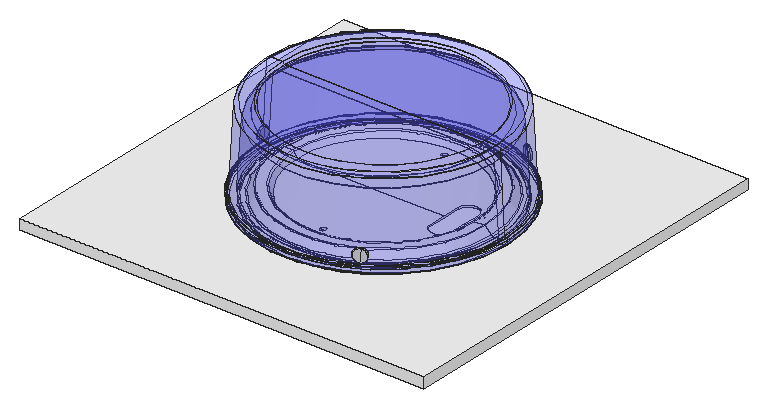
Revit family "BE_78634_de_DE", category Leuchten, Revit 2020
Family settings
  Basisbauteil = Fläche
  Bemaßung runder Anschluss = Durchmesser verwenden
  Teiletyp = Normal
  Beim Laden mit Abzugskörper schneiden = Ja
  Lichtquelle = Ja
  Gemeinsam genutzt = Nein
  Raumberechnungspunkt = Ja
Parameters (values of type "BEGA_78634_K3")
  built-in parameter 1150104 = 11.566 (stored number, unit not read)
  Wattage = 10.6 W
  Default Elevation = 0 mm
  built-in parameter 1150113 = 1 (stored number, unit not read)
  built-in parameter 1114218 = 1 (stored number, unit not read)
  Umgebungstemperatur = ""
  URL = "http://www.bega.de/de/produkt/78634"
  Typenkommentare = "© 2022 BEGA. Wir behalten uns das Recht vor, technische Änderungen ohne vorherige Ankündigung vorzunehmen."  # constant formula
  built-in parameter 1150134 = 12
  built-in parameter 1150109 = 1 (stored number, unit not read)
  Strom = ""
  built-in parameter 1150110 = 1 (stored number, unit not read)
  Spannung = 239.996 V
  Sonderanfertigung = no
  Seriennummer [instance] = "Hier können Sie die eindeutige Seriennummer für das Facility Management eintragen."
  Schutzklasse = "I"
  Schutzart = "IP 20"
  Scheinlast = 0 VA
  Produktdatenblatt = "http://www.bega.de/download/Xrfa/db/78634.db.de.pdf"
  Oberflächentemperatur = ""
  Neigungswinkel = 0.00°
  Model = "78634K4"
  Material_17 = BEGA_Reflektor
  Material_15 = BEGA_Leuchtmedium_matt
  Material_11 = BEGA_Glas_opal
  Material_09 = BEGA_Glas_klar
  Material_06 = BEGA_Oberfläche_Edelstahl_gebürstet
  Material_05 = BEGA_Oberfläche_Aluminium Guss
  Material_03 = BEGA_Oberfläche_Weiss_matt
  Material_02 = BEGA_Oberfläche_Silber_matt
  Material_01 [instance] = BEGA_Oberfläche_Grafit_matt
  M_W = no
  M_G = no
  M_A = no
  Logo = 0
  built-in parameter 1114217 = 1 (stored number, unit not read)
  built-in parameter 1150139 = (empty or 0)
  built-in parameter 1150105 = 246.36 (stored number, unit not read)
  built-in parameter 1150114 = 1 (stored number, unit not read)
  Lumens = 1319.7 lm
  built-in parameter 1150115 = 1 (stored number, unit not read)
  Leuchtenlichtstrom = "901 lm"
  Leuchtenanzahl = ""
  Lebensdauerkriterien = "L70B50 @ 25 °C = 470000 h"
  Lastklassifizierung = Beleuchtung
  built-in parameter 1150112 = 1 (stored number, unit not read)
  Lampenlichtstrom = "1320 lm"
  Lamp = "LED 10.6 W"
  LED_Modulbezeichnung = "2x LED-0343/840"
  Hersteller = "BEGA"  # constant formula
  Halbstreuwinkel = ""
  Gewicht = "2.5 kg"
  Gebrauchslageneinschränkung [instance] = ""
  Frequenz = "0/50-60 Hz"
  Farbwiedergabeindex = "CRI > 80"
  Farbtemperaturverschiebung bei Dämpfen der Lampe = <Keine Auswahl>
  Farbtemperatur = "4000 K"
  Color Filter = 16777215
  built-in parameter 1150133 = 10 (stored number, unit not read)
  Energieeffizienzklasse = "LED A++ - A"
  built-in parameter 1150137 = (empty or 0)
  built-in parameter 1150132 = (empty or 0)
  ENEC = "ja"
  Dimmbar [instance] = ""
  Photometric Web File = "BE_78634K4.IES"
  CE_Konformität = "ja"
  Bestellnummer = "78634K4"
  Beschreibung_Sonderanfertigung = "Hier können Sie Informationen zur Sonderanfertigung eintragen."
  Beschreibung = "Decken- und Wandleuchte"
  built-in parameter 1150106 = 2.4636 (stored number, unit not read)
  Befestigungsbohrung = "Ø 5,5 mm"
  Befestigungsabstand = "150 mm"
  Ballwurfsicher = ""
  BEGA_Intern_aus = yes
  BEGA_Intern_an = yes
  BEGA_Intern_Konstruktion = yes
  BEGA_Intern = yes
  BEGA_IES = yes
  BEGA_Dummy = no
  Anschlussleitung = ""
  Anschlussleistung [instance] = "12.5 W"
  Anschlusskasten = ""
  built-in parameter 1150107 = 4000 (stored number, unit not read)
  built-in parameter 1150102 = (empty or 0)
  built-in parameter 1150138 = (empty or 0)
  Aktualisierung = "2019-07-08T04:00:12"
  Abstand_zur_angestrahlten_Fläche [instance] = ""
  AC/DC = "AC/DC"
Reference planes
  plane 1 "Mitte (Vorne/Hinten)": y = 0
  plane 2: z = 0
  plane 3 "Mitte (Links/Rechts)": x = 0
  plane 4 "Links": x = -123
  plane 5 "Rechts": x = 123
  plane 6 "Unten": y = -123
  plane 7 "Oben": y = 123
  plane 8 "Vorne": z = 86.25
  plane 9 "Hinten": z = 0
Forms (mm)
  Extrusion 1, solid, material "BEGA_Platte_Weiss"
    sketch origin (0, -1119.2, 0) x (1, 0, 0) y (0, 1, 0)
      loop
        line (-200, 1319.2) -> (-200, 919.2) -> (200, 919.2) -> (200, 1319.2) -> (-200, 1319.2)
    from 0 to -10
  Extrusion 2, solid, material "BEGA_Dummy_matt", visible <- "BEGA_Dummy"
    sketch origin (77.149, -76.023, 0) x (1, 0, 0) y (0, 1, 0)
      loop
        circle (-77.149, 76.023) r 123
    from 0 to 86.25
Dimensions and locks
  plane 1 "Mitte (Vorne/Hinten)" to Extrusion 1 = 200 mm
  aligned and locked: plane 2 to Extrusion 1
  aligned and locked: level to Extrusion 1
Nested families
  nested 1: "BE_78634" at (0, 0, 0), type "BE_78634"
Connectors
  electrical at (0, 0, 0), driven by "Lastklassifizierung", driven by "Spannung", driven by "Scheinlast"
    settings: index 1, voltage 239.996 V, apparent load 0 VA, apparent load phase1 0 VA, apparent load phase2 0 VA, apparent load phase3 0 VA, power factor 1, load classification "Beleuchtung", number of poles 1, system type 31, power factor state 1, is connector primary yes, connector utility no, sub classification motor no, connector description ""
Definition of nested family "BE_78634"
  Parameters (values of type "BE_78634")
    Default Elevation = 1 mm
    URL = "http://www.bega.de/de/produkt"
    Type Comments = "© 2015 BEGA. Wir behalten uns das Recht vor, technische Änderungen ohne vorherige Ankündigung vorzunehmen. "  # constant formula
    Type Image = (empty or 0)
    Neigungswinkel_um_Z2 = 0.00°
    Neigungswinkel_um_Z1 = 0.00°
    Neigungswinkel_um_Y2 = 0.00°
    Neigungswinkel_um_Y1 = 0.00°
    Neigungswinkel_um_X2 = 0.00°
    Neigungswinkel_um_X1 = 0.00°
    Material_17 = none
    Material_15 = none
    Material_11 = none
    Material_09 = none
    Material_06 = none
    Material_05 = none
    Material_03 = none
    Material_02 = none
    Material_01 = none
    M_W = yes
    M_G = yes
    M_A = yes
    Länge_Platte = 300 mm  # constant formula
    Höhe_Platte = -10 mm  # constant formula
    Manufacturer = "BEGA"  # constant formula
    Drehwinkel_um_Z2 = 0.00°
    Drehwinkel_um_Z1 = 0.00°
    Breite_Platte = 300 mm  # constant formula
  Reference planes
    plane 1 "Mitte (Oben/Unten)": y = 0
    plane 2: z = 0
    plane 3 "Mitte (Links/Rechts)": x = 0
    plane 4: x = -123
    plane 5: z = 86.25
    plane 6: x = 123
    plane 7: y = -123
    plane 8: y = 123
  Forms (mm)
    Extrusion 1, solid, detail levels medium
      sketch origin (0, 0, 0) x (1, 0, 0) y (0, 1, 0)
        loop
          line (-150, 150) -> (-150, -150) -> (150, -150) -> (150, 150) -> (-150, 150)
      from 0 to -10 <- "Höhe_Platte"
    Revolve 2, solid, material <- "Material_03", detail levels medium+fine
      sketch origin (0, 0, 0) x (1, 0, 0) y (0, 0, 1)
        loop
          line (-119.5, 0) -> (-114, 0)
          arc (-114, 0) -> (-112.339, 0.733) -> (-111.748, 2.455) r 2.25
          arc (-111.748, 2.455) -> (-111.619, 2.837) -> (-111.25, 3) r 0.5
          line (-111.25, 3) -> (-107.375, 3)
          arc (-107.375, 3) -> (-106.055, 3.28) -> (-104.963, 4.072) r 3.25
          line (-104.963, 4.072) -> (-99.4, 10.25) -> (-89.816, 10.25) -> (-87.246, 5.206)
          arc (-87.246, 5.206) -> (-86.601, 4.508) -> (-85.686, 4.25) r 1.75
          line (-85.686, 4.25) -> (0, 4.25) -> (0, 5.5) -> (-85.993, 5.5) -> (-88.563, 10.544)
          arc (-88.563, 10.544) -> (-89.209, 11.243) -> (-90.126, 11.5) r 1.75
          line (-90.126, 11.5) -> (-99.398, 11.5)
          arc (-99.398, 11.5) -> (-99.908, 11.392) -> (-100.33, 11.085) r 1.254
          line (-100.33, 11.085) -> (-105.884, 4.917)
          arc (-105.884, 4.917) -> (-106.558, 4.424) -> (-107.367, 4.25) r 2
          line (-107.367, 4.25) -> (-111.25, 4.25)
          arc (-111.25, 4.25) -> (-112.542, 3.68) -> (-113.004, 2.341) r 1.75
          arc (-113.004, 2.341) -> (-113.261, 1.576) -> (-113.999, 1.25) r 1
          line (-113.999, 1.25) -> (-119.5, 1.25) -> (-119.5, 0)
        axis (0, 0) -> (0, 11.5)
      angle from 0 to 360
    Revolve 3, solid, material <- "Material_11", detail levels medium+fine
      sketch origin (0, 0, 0) x (1, 0, 0) y (0, 0, 1)
        loop
          line (0, 84.25) -> (-98, 84.25) -> (-100, 86.25) -> (-112.065, 86.25)
          arc (-112.065, 86.25) -> (-114.762, 85.204) -> (-116.049, 82.614) r 4
          line (-116.049, 82.614) -> (-119.95, 8.168)
          arc (-119.95, 8.168) -> (-120.261, 7.495) -> (-120.949, 7.22) r 1
          line (-120.949, 7.22) -> (-122, 7.22)
          arc (-122, 7.22) -> (-122.707, 6.927) -> (-123, 6.22) r 1
          line (-123, 6.22) -> (-123, 2.22)
          arc (-123, 2.22) -> (-122.707, 1.513) -> (-122, 1.22) r 1
          line (-122, 1.22) -> (-113.5, 1.22) -> (-113.5, 6.22) -> (-109.559, 70.647)
          arc (-109.559, 70.647) -> (-107.371, 75.317) -> (-102.578, 77.22) r 7
          line (-102.578, 77.22) -> (0, 77.22) -> (0, 84.25)
        axis (0, 1.22) -> (0, 86.25)
      angle from 0 to 360
    Revolve 4, void
      sketch origin (0, 0, 0) x (1, 0, 0) y (0, 0, 1)
        loop
          line (-117.813, 22.175) -> (-119.857, 23.502) -> (-120.226, 16.458) -> (-118.119, 16.347) -> (-117.813, 22.175)
        axis (-120.226, 16.458) -> (-118.119, 16.347)
      angle from 0 to 360
    Revolve 5, solid, material <- "Material_06", detail levels fine
      sketch origin (0, 0, 0) x (1, 0, 0) y (0, 0, 1)
        loop
          line (-120.48, 22.308) -> (-120.785, 16.486) -> (-118.119, 16.346) -> (-117.814, 22.168) -> (-120.48, 22.308)
        axis (-120.785, 16.486) -> (-118.119, 16.346)
      angle from 0 to 360
    Extrusion 6, void
      sketch origin (0, 0, 0) x (1, 0, 0) y (0, 1, 0)
        loop
          arc (80, 17) -> (70, 27) -> (60, 17) r 10
          line (60, 17) -> (60, -17)
          arc (60, -17) -> (70, -27) -> (80, -17) r 10
          line (80, -17) -> (80, 17)
        loop
          circle (0, 75) r 2.75
        loop
          circle (0, -75) r 2.75
      from 0 to 8.953
    Revolve 7, void
      sketch origin (0, 0, 0) x (-0.5, -0.866025, 0) y (0, 0, 1)
        loop
          line (-117.813, 22.175) -> (-119.857, 23.502) -> (-120.226, 16.458) -> (-118.119, 16.347) -> (-117.813, 22.175)
        axis (-120.226, 16.458) -> (-118.119, 16.347)
      angle from 0 to 360
    Revolve 8, void
      sketch origin (0, 0, 0) x (-0.5, 0.866025, 0) y (0, 0, 1)
        loop
          line (-117.813, 22.175) -> (-119.857, 23.502) -> (-120.226, 16.458) -> (-118.119, 16.347) -> (-117.813, 22.175)
        axis (-120.226, 16.458) -> (-118.119, 16.347)
      angle from 0 to 360
    Revolve 9, solid, material <- "Material_06", detail levels fine
      sketch origin (0, 0, 0) x (-0.5, -0.866025, 0) y (0, 0, 1)
        loop
          line (-120.48, 22.308) -> (-120.785, 16.486) -> (-118.119, 16.346) -> (-117.814, 22.168) -> (-120.48, 22.308)
        axis (-120.785, 16.486) -> (-118.119, 16.346)
      angle from 0 to 360
    Revolve 10, solid, material <- "Material_06", detail levels fine
      sketch origin (0, 0, 0) x (-0.5, 0.866025, 0) y (0, 0, 1)
        loop
          line (-120.48, 22.308) -> (-120.785, 16.486) -> (-118.119, 16.346) -> (-117.814, 22.168) -> (-120.48, 22.308)
        axis (-120.785, 16.486) -> (-118.119, 16.346)
      angle from 0 to 360
  Cuts and joins
    Revolve 4, Revolve 7, Revolve 8 cuts Revolve 3
    Extrusion 6 cuts Revolve 2
  Dimensions and locks
    equal spacing: Extrusion 1 sketch curve, plane 3 "Mitte (Links/Rechts)", Extrusion 1 sketch curve
    equal spacing: Extrusion 1 sketch curve, plane 1 "Mitte (Oben/Unten)", Extrusion 1 sketch curve
    "Länge_Platte": Extrusion 1 sketch curve to Extrusion 1 sketch curve
    "Breite_Platte": Extrusion 1 sketch curve to Extrusion 1 sketch curve
    aligned and locked: Extrusion 1 to plane 2
    aligned and locked: level to Extrusion 1
  Automatic sketch dimensions
    Revolve 2 sketch curve to plane 3 "Mitte (Links/Rechts)" = 0 mm  (x2)
    level to Revolve 2 sketch curve = 4.25 mm
    Revolve 2 sketch curve to plane 3 "Mitte (Links/Rechts)" = 85.686 mm
    Revolve 2 sketch curve to Revolve 2 sketch curve = 9.272 mm
    Revolve 2 sketch curve to Revolve 2 sketch curve = 3.883 mm
    Revolve 2 sketch curve to Revolve 2 sketch curve = 0 mm  (x13)
    level to Revolve 2 sketch curve = 1.25 mm
    Revolve 2 sketch curve to Revolve 2 sketch curve = 2.749 mm
    level to Revolve 2 sketch curve = 0 mm
    Revolve 2 sketch curve to Revolve 2 sketch curve = 0.001 mm  (x2)
    Revolve 2 sketch curve to Revolve 2 sketch curve = 5.5 mm
    Revolve 2 sketch curve to Revolve 2 sketch curve = 1 mm
    level to Revolve 2 sketch curve = 2.5 mm
    Revolve 2 sketch curve to Revolve 2 sketch curve = 0.5 mm  (x3)
    Revolve 2 sketch curve to Revolve 2 sketch curve = 0.498 mm
    Revolve 2 sketch curve to Revolve 2 sketch curve = 0.011 mm  (x2)
    Revolve 2 sketch curve to Revolve 2 sketch curve = 1.007 mm
    Revolve 2 sketch curve to Revolve 2 sketch curve = 1.848 mm
    Revolve 2 sketch curve to Revolve 2 sketch curve = 1.902 mm
    Revolve 3 sketch curve to plane 3 "Mitte (Links/Rechts)" = 0 mm  (x2)
    Revolve 3 sketch curve to Revolve 3 sketch curve = 98 mm
    Revolve 3 sketch curve to Revolve 3 sketch curve = 2 mm  (x2)
    Revolve 3 sketch curve to Revolve 3 sketch curve = 4.573 mm
    Revolve 3 sketch curve to Revolve 3 sketch curve = 0.005 mm
    Revolve 3 sketch curve to Revolve 3 sketch curve = 12.065 mm
    level to Revolve 3 sketch curve = 1.22 mm
    Revolve 3 sketch curve to Revolve 3 sketch curve = 10.927 mm
    level to Revolve 3 sketch curve = 82.614 mm
    Revolve 3 sketch curve to Revolve 3 sketch curve = 3.983 mm
    Revolve 3 sketch curve to Revolve 3 sketch curve = 7.449 mm
    level to Revolve 3 sketch curve = 2.22 mm
    Revolve 3 sketch curve to Revolve 3 sketch curve = 1.051 mm
    Revolve 3 sketch curve to Revolve 3 sketch curve = 1 mm  (x2)
    Revolve 3 sketch curve to Revolve 3 sketch curve = 5 mm
    Revolve 3 sketch curve to Revolve 3 sketch curve = 4 mm
    Revolve 3 sketch curve to Revolve 3 sketch curve = 12.394 mm
    level to Revolve 3 sketch curve = 77.22 mm
    Revolve 3 sketch curve to Revolve 3 sketch curve = 0.364 mm
    Revolve 3 sketch curve to Revolve 3 sketch curve = 6.987 mm
    Revolve 3 sketch curve to Revolve 3 sketch curve = 0 mm  (x3)
    level to Revolve 3 sketch curve = 8.168 mm
    Revolve 3 sketch curve to Revolve 3 sketch curve = 0.999 mm
    Revolve 3 sketch curve to Revolve 3 sketch curve = 7.291 mm
    Revolve 3 sketch curve to Revolve 3 sketch curve = 0.03 mm
    level to Revolve 2 sketch curve = 5.206 mm
    Revolve 2 sketch curve to Revolve 2 sketch curve = 0.294 mm
    Revolve 2 sketch curve to Revolve 2 sketch curve = 1.253 mm  (x2)
    Revolve 2 sketch curve to Revolve 2 sketch curve = 3.823 mm
    Revolve 2 sketch curve to Revolve 2 sketch curve = 0.306 mm  (x2)
    Revolve 2 sketch curve to Revolve 2 sketch curve = 1.25 mm  (x2)
    Revolve 2 sketch curve to Revolve 2 sketch curve = 0.007 mm  (x2)
    Revolve 2 sketch curve to Revolve 2 sketch curve = 2 mm
    Revolve 2 sketch curve to Revolve 2 sketch curve = 0.008 mm
    Revolve 2 sketch curve to Revolve 2 sketch curve = 2.405 mm
    level to Revolve 2 sketch curve = 10.25 mm
    Revolve 2 sketch curve to Revolve 2 sketch curve = 5.563 mm
    level to Revolve 2 sketch curve = 4.917 mm
    Revolve 2 sketch curve to Revolve 2 sketch curve = 0.922 mm
    Revolve 2 sketch curve to Revolve 2 sketch curve = 0.002 mm
    Revolve 2 sketch curve to Revolve 2 sketch curve = 0.004 mm
    level to Revolve 2 sketch curve = 11.085 mm
    Revolve 2 sketch curve to Revolve 2 sketch curve = 0.93 mm
    Revolve 2 sketch curve to Revolve 2 sketch curve = 0.31 mm
    level to Revolve 2 sketch curve = 10.544 mm
    Revolve 4 sketch curve to Revolve 4 sketch curve = 0.369 mm
    Revolve 4 sketch curve to Revolve 4 sketch curve = 2.107 mm
    Revolve 4 sketch curve to Revolve 4 sketch curve = 2.044 mm
    Revolve 4 sketch curve to Revolve 4 sketch curve = 2.991 mm
    Revolve 4 sketch curve to Revolve 4 sketch curve = 13.414 mm
    Revolve 5 sketch curve to Revolve 5 sketch curve = 0.305 mm
    Revolve 5 sketch curve to Revolve 5 sketch curve = 2.666 mm  (x2)
    Revolve 5 sketch curve to Revolve 5 sketch curve = 0 mm  (x2)
    Revolve 5 sketch curve to Revolve 5 sketch curve = 15.891 mm
    Revolve 4 sketch curve to Revolve 4 sketch curve = 0.11 mm
    Revolve 4 sketch curve to Revolve 4 sketch curve = 5.828 mm
    Revolve 4 sketch curve to Revolve 4 sketch curve = 1.327 mm
    Revolve 4 sketch curve to Revolve 4 sketch curve = 0.157 mm
    Revolve 4 sketch curve to Revolve 4 sketch curve = 0.703 mm
    Revolve 7 sketch curve to Revolve 7 sketch curve = 0.369 mm
    Revolve 7 sketch curve to Revolve 7 sketch curve = 2.107 mm
    Revolve 7 sketch curve to Revolve 7 sketch curve = 2.044 mm
    Revolve 7 sketch curve to Revolve 7 sketch curve = 2.991 mm
    Revolve 7 sketch curve to Revolve 7 sketch curve = 13.414 mm
    Revolve 7 sketch curve to Revolve 7 sketch curve = 0.11 mm
    Revolve 7 sketch curve to Revolve 7 sketch curve = 5.828 mm
    Revolve 7 sketch curve to Revolve 7 sketch curve = 1.327 mm
    Revolve 7 sketch curve to Revolve 7 sketch curve = 0.157 mm
    Revolve 7 sketch curve to Revolve 7 sketch curve = 0.703 mm
    Revolve 8 sketch curve to Revolve 8 sketch curve = 0.369 mm
    Revolve 8 sketch curve to Revolve 8 sketch curve = 2.107 mm
    Revolve 8 sketch curve to Revolve 8 sketch curve = 2.044 mm
    Revolve 8 sketch curve to Revolve 8 sketch curve = 2.991 mm
    Revolve 8 sketch curve to Revolve 8 sketch curve = 13.414 mm
    Revolve 8 sketch curve to Revolve 8 sketch curve = 0.11 mm
    Revolve 8 sketch curve to Revolve 8 sketch curve = 5.828 mm
    Revolve 8 sketch curve to Revolve 8 sketch curve = 1.327 mm
    Revolve 8 sketch curve to Revolve 8 sketch curve = 0.157 mm
    Revolve 8 sketch curve to Revolve 8 sketch curve = 0.703 mm
    level to Revolve 4 sketch curve = 16.458 mm
    Revolve 4 sketch curve to plane 3 "Mitte (Links/Rechts)" = 120.226 mm
    level to Revolve 7 sketch curve = 16.458 mm
    level to Revolve 8 sketch curve = 16.458 mm
    Revolve 5 sketch curve to Revolve 5 sketch curve = 0.14 mm  (x2)
    Revolve 5 sketch curve to Revolve 5 sketch curve = 0.833 mm
    Revolve 9 sketch curve to Revolve 9 sketch curve = 0.305 mm
    Revolve 9 sketch curve to Revolve 9 sketch curve = 2.666 mm  (x2)
    Revolve 9 sketch curve to Revolve 9 sketch curve = 0 mm  (x2)
    Revolve 9 sketch curve to Revolve 9 sketch curve = 15.891 mm
    Revolve 9 sketch curve to Revolve 9 sketch curve = 0.14 mm  (x2)
    Revolve 9 sketch curve to Revolve 9 sketch curve = 0.833 mm
    Revolve 10 sketch curve to Revolve 10 sketch curve = 0.305 mm
    Revolve 10 sketch curve to Revolve 10 sketch curve = 2.666 mm  (x2)
    Revolve 10 sketch curve to Revolve 10 sketch curve = 0 mm  (x2)
    Revolve 10 sketch curve to Revolve 10 sketch curve = 15.891 mm
    Revolve 10 sketch curve to Revolve 10 sketch curve = 0.14 mm  (x2)
    Revolve 10 sketch curve to Revolve 10 sketch curve = 0.833 mm
    level to Revolve 5 sketch curve = 16.486 mm
    Revolve 5 sketch curve to plane 3 "Mitte (Links/Rechts)" = 120.785 mm
    level to Revolve 9 sketch curve = 16.486 mm
    level to Revolve 10 sketch curve = 16.486 mm
    Extrusion 6 sketch curve to Extrusion 6 sketch curve = 10 mm
    plane 1 "Mitte (Oben/Unten)" to Extrusion 6 sketch curve = 17 mm
    plane 3 "Mitte (Links/Rechts)" to Extrusion 6 sketch curve = 60 mm
    Extrusion 6 sketch curve to plane 1 "Mitte (Oben/Unten)" = 17 mm
    Extrusion 6 sketch curve to plane 3 "Mitte (Links/Rechts)" = 0 mm  (x2)
    plane 1 "Mitte (Oben/Unten)" to Extrusion 6 sketch curve = 75 mm
    Extrusion 6 sketch curve to plane 1 "Mitte (Oben/Unten)" = 75 mm
    radius of Extrusion 6 sketch curve = 2.75 mm  (x2)
